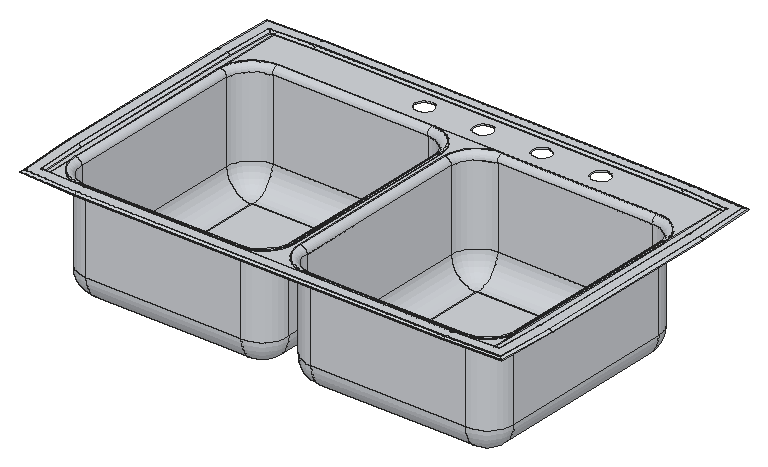
Revit family
Parameters (values of type "LR3321")
  URL = "www.elkayusa.com"
  Specification Sheet URL = "http://www.elkayusa.com/cps/rde/xbcr/elkay/01-62H_LR(Q)_LRAD(Q)_Double_Bowl.pdf"
  Sink Width = 1' - 9 1/4"
  Sink Material = none
  Sink Length = 2' - 9"
  Sink Ledge Sides Width = 0' - 1 7/8"
  Sink Ledge Front Width = 0' - 1 1/2"
  Sink Ledge Back Width = 0' - 4"
  Sink Depth = 0' - 7 5/8"
  Sink Bowl Formula = ((Sink Length - Sink Ledge Sides Width - Sink Ledge Sides Width - Partition Width) / 2)  # 1' - 2"
  Partition Width = 0' - 1 1/4"
  Model = "LR3321"
  Minimum Cabinet Width = ""
  Manufacturer = "Elkay Manufacturing"
  Installation Sheet URL = "http://www.elkayusa.com/cps/rde/xbcr/elkay/74180147.pdf"
  Hole 5 Top = 0' - 1 1/2"
  Hole 4 Top = 0' - 2"
  Hole 3 Top = 0' - 2"
  Hole 2 Top = 0' - 2"
  Hole 1 to 6 = 1' - 6"
  Hole 1 to 8 = 2' - 0"
  Hole 1 to 7 = 1' - 9"
  Hole 1 to 5 = 1' - 3"
  Hole 1 to 4 = 1' - 0"
  Hole 1 to 3 = 0' - 8"
  Hole 1 to 2 = 0' - 4"
  Hole 1 from CL = 0' - 4"
  Hole 1 Top = 0' - 2"
  Faucet Hole CL = 0' - 2 1/4"
  Drain Location = 0' - 8"
  Description = "Lustertone Double Bowl Sink"
  Deep Specification Sheet URL = "http://www.elkayusa.com/cps/rde/xbcr/elkay/01-19G_DLR(Q)_Double_Bowl.pdf"
  Custom Bowl = no
  Custom Bowl Length = ((Sink Length - Sink Ledge Sides Width - Sink Ledge Sides Width - Partition Width) / 2) - CL Sink to CL Partition  # 1' - 2"
  CL Sink to CL Partition = 0' - 0"
  Bowl Length = ((Sink Length - Sink Ledge Sides Width - Sink Ledge Sides Width - Partition Width) / 2)  # 1' - 2"
  Left Bowl Length = if(Custom Bowl, Custom Bowl Length, Sink Bowl Formula)  # 1' - 2"
  2D Hole 5 = Hole 5 Top = 0' 2"  # no
  2D Hole 4 = Hole 4 Top = 0' 2"  # yes
  2D Hole 3 = Hole 3 Top = 0' 2"  # yes
  2D Hole 2 = Hole 2 Top = 0' 2"  # yes
  2D Hole 1 = Hole 1 Top = 0' 2"  # yes
Types (4): name
  ByType
  LR3321
  LR3319
  DLR332210
Reference planes (in)
  plane 1 "CL Sink Hole": y = -0.125
  plane 2 "Rim Top Outside Corner": z = 0.0015695
  plane 3 "Center (Left/Right)": x = 0
  plane 4 "Basin Edge Left": x = -14.625
  plane 5 "Basin Edge Right": x = 14.625
  plane 6 "Basin Edge Back": y = 7.875
  plane 7 "Basin Edge Front": y = -7.875
  plane 8 "Left": x = -16.5
  plane 9 "Right": x = 16.5
  plane 10 "Back": y = 11.875
  plane 11 "Front": y = -9.375
  plane 12 "Sink Angle Back Corner": y = 11.7042275
  plane 13 "Sink Angle Right Corner": x = 16.3267866
  plane 14 "Sink Angle Right": x = 12.5172067
  plane 15 "Sink Angle Back": y = 7.5898437
  plane 16 "Sink Angle Left": x = -12.515625
  plane 17 "Sink Angle Left Corner": x = -16.328125
  plane 18 "Sink Angle Front Corner": y = -9.203125
  plane 19 "Sink Angle Front": y = -5.0898438
  plane 20 "Sink Top Face Back Edge": y = 10.8469509
  plane 21 "Sink Top Face Front Edge": y = -8.3476563
  plane 22 "Sink Top Face Right Edge": x = 15.0976563
  plane 23 "Sink Top Face Left Edge": x = -15.0976562
  plane 24 "Sink Bowl Bottom (Top Face)": z = -7.5195312
  plane 25 "Faucet CL": y = 9.625
  plane 26 "Sink Top Piece Top Face": z = -0.0194305
  plane 27 "Sink Top Piece Bottom Face": z = -0.0819305
  plane 28 "Left Sink Bottom Piece Right Edge": x = -2.3125
  plane 29 "Top Void for Radius Back Edge": y = 5.375
  plane 30 "back ledge void radius": y = 8.3671875
  plane 31 "front ledge void radius": y = -8.3671875
  plane 32 "Top Radius Corner Prot": z = -0.4405305
  plane 33: z = -5.8320312
  plane 34 "Sink Bowl Bottom (Bottom Face)": z = -7.5820312
  plane 35 "Left Sink Bottom Piece Left Edge": x = -12.9375
  plane 36 "Sink Bottom Piece Right Edge": x = 12.9375
  plane 37 "Sink Bottom Piece Back Edge": y = 6.1875
  plane 38 "Sink Bottom Piece Front Edge": y = -6.1875
  plane 39 "Top Void for Radius Front Edge": y = -4.875
  plane 40 "Sink Top Locked Edge Right": x = 15.5625
  plane 41 "Sink Top Locked Edge Left": x = -15.5625
  plane 42 "Hole 1": x = -4
  plane 43 "Hole 2": x = 0
  plane 44 "Hole 3": x = 4
  plane 45 "Hole 4": x = 8
  plane 46 "Hole 5": x = 11
  plane 47 "Faucet Hole Void Bottoms": z = -1.9984305
  plane 48 "Hole 1 Top": z = 0.0015695
  plane 49 "Hole 2 Top": z = 0.0015695
  plane 50 "Hole 3 Top": z = 0.0015695
  plane 51 "Hole 4 Top": z = 0.0015695
  plane 52 "Hole 5 Top": z = -0.4984305
  plane 53 "Top": z = 0.1054687
  plane 54 "Insertion Plan for Sink - Bottom Outside Corner of Rim": z = -0.0524008
  plane 55 "Center (Front/Back)": y = 0
  plane 56 "CL PARTITION": x = 0
  plane 57 "LEFT BOWL RIGHT EDGE": x = -0.625
  plane 58 "RIGHT BOWL LEFT EDGE": x = 0.625
  plane 59 "Sink Bottom Piece Left Edge": x = 2.3125
  plane 60 "Left Bowl CL Drain": x = -7.625
  plane 61 "Right Bowl CL Drain": x = 7.625
  plane 62 "Left Partition Left Edge": x = -0.1328125
  plane 63 "Left Partition Right Edge": x = 0.1328125
Forms (in)
  Sweep 1, solid, material <- "Sink Material"
    path origin (0, 0, 0) x (1, 0, 0) y (0, 1, 0)
      loop
        line (12.5172067, 11.875) -> (-12.515625, 11.875) -> (-16.328125, 11.7042275) -> (-16.5, 7.5898437) -> (-16.5, -5.0898438) -> (-16.328125, -9.203125) -> (-12.515625, -9.375) -> (12.5172067, -9.375) -> (16.3267866, -9.203125) -> (16.5, -5.0898438) -> (16.5, 7.5898437) -> (16.3267866, 11.7042275) -> (12.5172067, 11.875)
    profile "profile-elkay-sink-rim-1 : profile-elkay-sink-rim-1" origin (0.0007909, 11.875, 0) x (0, -1, 0) y (0, 0, 1)
      loop
        line (0, 0) -> (0, -0.0524008) -> (0.2039181, 0.0577989) -> (0.8052651, 0.0577989) -> (1.0074493, -0.0709913) -> (1.0074493, -0.0163327) -> (0.841093, 0.0896347)
        arc (0.841093, 0.0896347) -> (0.8176388, 0.1002604) -> (0.7921483, 0.1038992) r 0.091102
        line (0.7921483, 0.1038992) -> (0.2153023, 0.1038992)
        arc (0.2153023, 0.1038992) -> (0.1929626, 0.1011179) -> (0.1719868, 0.0929438) r 0.0911081
        line (0.1719868, 0.0929438) -> (0, 0)
  Extrusion 2, solid, material <- "Sink Material"
    sketch origin (0, 0, 0) x (1, 0, 0) y (0, 1, 0)
      loop
        line (-15.0976562, 10.8469509) -> (-15.0976562, 5.375) -> (15.0976563, 5.375) -> (15.0976563, 10.8469509) -> (-15.0976562, 10.8469509)
    from -0.0819305 to -0.0194305
  Extrusion 3, void
    sketch origin (0, 0, 0) x (1, 0, 0) y (0, 1, 0)
      loop
        line (15.0976563, 5.375) -> (15.0976563, 6.0191505)
        arc (15.0976563, 6.0191505) -> (14.4099321, 7.6794634) -> (12.7496193, 8.3671875) r 2.348037
        line (12.7496193, 8.3671875) -> (-12.75, 8.3671875)
        arc (-12.75, 8.3671875) -> (-14.4100437, 7.6795749) -> (-15.0976562, 6.0195312) r 2.3476562
        line (-15.0976562, 6.0195312) -> (-15.0976562, 5.375) -> (15.0976563, 5.375)
    from -0.7469965 to 0.495879
  Extrusion 4, solid, material <- "Sink Material"
    sketch origin (0, 0, 0) x (1, 0, 0) y (0, 1, 0)
      loop
        line (-15.0976562, -5.0898438) -> (-15.0976562, -8.3476563) -> (15.0976563, -8.3476563) -> (15.0976563, -5.0898438) -> (-15.0976562, -5.0898438)
    from -0.0819305 to -0.0194305
  Extrusion 5, void
    sketch origin (0, 0, 0) x (1, 0, 0) y (0, 1, 0)
      loop
        line (-15.0976562, -4.875) -> (-15.0976562, -6.0857599)
        arc (-15.0976562, -6.0857599) -> (-14.4294416, -7.6989728) -> (-12.8162287, -8.3671875) r 2.2814276
        line (-12.8162287, -8.3671875) -> (12.8164063, -8.3671875)
        arc (12.8164063, -8.3671875) -> (14.4294936, -7.6990248) -> (15.0976562, -6.0859375) r 2.28125
        line (15.0976562, -6.0859375) -> (15.0976563, -4.875) -> (-15.0976562, -4.875)
    from -1.9984305 to 0.6466859
  Extrusion 6, solid, material <- "Sink Material"
    sketch origin (0, 0, 0) x (1, 0, 0) y (0, 1, 0)
      loop
        line (-15.5625, 10.8469509) -> (-15.5625, -8.3476563) -> (-15.0976562, -8.3476563) -> (-15.0976562, 10.8469509) -> (-15.5625, 10.8469509)
    from -0.0819305 to -0.0194305
  Extrusion 7, solid, material <- "Sink Material"
    sketch origin (0, 0, 0) x (1, 0, 0) y (0, 1, 0)
      loop
        line (15.0976563, 10.8469509) -> (15.0976563, -8.3476563) -> (15.5625, -8.3476563) -> (15.5625, 10.8469509) -> (15.0976563, 10.8469509)
    from -0.0819305 to -0.0194305
  Sweep 8, solid, material <- "Sink Material"
    path origin (-14.75, 0, -0.0194305) x (-1, 0, 0) y (0, -1, 0)
      loop
        line (-12.375, -7.875) -> (-1.875, -7.875)
        arc (-1.875, -7.875) -> (-0.6375631, -7.3624369) -> (-0.125, -6.125) r 1.75
        line (-0.125, -6.125) -> (-0.125, 6.125)
        arc (-0.125, 6.125) -> (-0.6375631, 7.3624369) -> (-1.875, 7.875) r 1.75
        line (-1.875, 7.875) -> (-12.375, 7.875)
        arc (-12.375, 7.875) -> (-13.6124369, 7.3624369) -> (-14.125, 6.125) r 1.75
        line (-14.125, 6.125) -> (-14.125, -6.125)
        arc (-14.125, -6.125) -> (-13.6124369, -7.3624369) -> (-12.375, -7.875) r 1.75
    profile "profile-elkay-sink-top corner : profile-elkay-sink-top corner" origin (-7.625, 7.875, -0.0194305) x (0, -1, 0) y (0, 0, 1)
      loop
        line (-0.4204811, 0) -> (-0.4921875, 0) -> (-0.4921875, -0.0461) -> (-0.4204811, -0.0461)
        arc (-0.4204811, -0.0461) -> (-0.1553161, -0.155935) -> (-0.0454811, -0.4211) r 0.375
        line (-0.0454811, -0.4211) -> (0.0006189, -0.4211)
        arc (0.0006189, -0.4211) -> (-0.1227185, -0.1233373) -> (-0.4204811, 0) r 0.4211
  Sweep 9, solid, material <- "Sink Material"
    path origin (-14.75, 0, -7.5195312) x (-1, 0, 0) y (0, -1, 0)
      loop
        line (-0.125, -6.125) -> (-0.125, 6.125)
        arc (-0.125, 6.125) -> (-0.6375631, 7.3624369) -> (-1.875, 7.875) r 1.75
        line (-1.875, 7.875) -> (-12.375, 7.875)
        arc (-12.375, 7.875) -> (-13.6124369, 7.3624369) -> (-14.125, 6.125) r 1.75
        line (-14.125, 6.125) -> (-14.125, -6.125)
        arc (-14.125, -6.125) -> (-13.6124369, -7.3624369) -> (-12.375, -7.875) r 1.75
        line (-12.375, -7.875) -> (-1.875, -7.875)
        arc (-1.875, -7.875) -> (-0.6375631, -7.3624369) -> (-0.125, -6.125) r 1.75
    profile "profile-elkay-sink-btm-crnr_1-6875 : profile-elkay-sink-btm-crnr_1-6875" origin (-14.625, 0, -7.5195312) x (1, 0, 0) y (0, 0, 1)
      loop
        line (1.6875, -0.0625) -> (1.6875, 0)
        arc (1.6875, 0) -> (0.4942573, 0.4942573) -> (0, 1.6875) r 1.6875
        line (0, 1.6875) -> (-0.0625, 1.6875)
        arc (-0.0625, 1.6875) -> (0.4500631, 0.4500631) -> (1.6875, -0.0625) r 1.75
  Extrusion 10, solid, material <- "Sink Material"
    sketch origin (0, 0, 0) x (1, 0, 0) y (0, 1, 0)
      loop
        line (-12.9375, 6.1875) -> (-12.9375, -6.1875) -> (-2.3125, -6.1875) -> (-2.3125, 6.1875) -> (-12.9375, 6.1875)
    from -7.5820312 to -7.5195312
  Extrusion 11, solid, material <- "Sink Material"
    sketch origin (-14.75, 0, 0) x (1, 0, 0) y (0, 1, 0)
      loop
        arc (1.875, 7.875) -> (0.6375631, 7.3624369) -> (0.125, 6.125) r 1.75
        line (0.125, 6.125) -> (0.125, -6.125)
        arc (0.125, -6.125) -> (0.6375631, -7.3624369) -> (1.875, -7.875) r 1.75
        line (1.875, -7.875) -> (12.375, -7.875)
        arc (12.375, -7.875) -> (13.6124369, -7.3624369) -> (14.125, -6.125) r 1.75
        line (14.125, -6.125) -> (14.125, 6.125)
        arc (14.125, 6.125) -> (13.6124369, 7.3624369) -> (12.375, 7.875) r 1.75
        line (12.375, 7.875) -> (1.875, 7.875)
      loop
        arc (1.875, 7.9375) -> (0.593369, 7.406631) -> (0.0625, 6.125) r 1.8125
        line (0.0625, 6.125) -> (0.0625, -6.125)
        arc (0.0625, -6.125) -> (0.593369, -7.406631) -> (1.875, -7.9375) r 1.8125
        line (1.875, -7.9375) -> (12.375, -7.9375)
        arc (12.375, -7.9375) -> (13.656631, -7.406631) -> (14.1875, -6.125) r 1.8125
        line (14.1875, -6.125) -> (14.1875, 6.125)
        arc (14.1875, 6.125) -> (13.656631, 7.406631) -> (12.375, 7.9375) r 1.8125
        line (12.375, 7.9375) -> (1.875, 7.9375)
    from -5.8320312 to -0.4405305
  Extrusion 12, void
    sketch origin (0, 0, 0) x (1, 0, 0) y (0, 1, 0)
      loop
        circle (-7.625, -0.125) r 2.5
    from -7.5820312 to -5.8320312
  Sweep 13, solid, material <- "Sink Material"
    path origin (-14.75, 0, -7.5195312) x (-1, 0, 0) y (0, -1, 0)
      loop
        circle (-7.125, 0.125) r 2.501635
    profile "profile-elkay-sink-hole-1 : profile-elkay-sink-hole-1" origin (-7.625, -2.626635, -7.5195312) x (0, 1, 0) y (0, 0, 1)
      loop
        line (0.5785343, -0.3269365) -> (0.1564602, -0.1343744)
        arc (0.1564602, -0.1343744) -> (0.1424945, -0.125589) -> (0.1313144, -0.1134552) r 0.0625
        line (0.1313144, -0.1134552) -> (0.0881719, -0.0522605)
        arc (0.0881719, -0.0522605) -> (0.0506391, -0.015074) -> (0, 0) r 0.1086
        line (0, 0) -> (0, -0.0461763)
        arc (0, -0.0461763) -> (0.0262058, -0.0541921) -> (0.0464633, -0.0726482) r 0.0625
        line (0.0464633, -0.0726482) -> (0.093406, -0.1396891)
        arc (0.093406, -0.1396891) -> (0.1129384, -0.1609677) -> (0.1373891, -0.176345) r 0.1086
        line (0.1373891, -0.176345) -> (0.5785343, -0.3776079) -> (0.5785343, -0.3269365)
  Sweep 14, solid, material <- "Sink Material"
    path origin (14.75, 0, -0.0194305) x (-1, 0, 0) y (0, -1, 0)
      loop
        line (1.875, -7.875) -> (12.375, -7.875)
        arc (12.375, -7.875) -> (13.6124369, -7.3624369) -> (14.125, -6.125) r 1.75
        line (14.125, -6.125) -> (14.125, 6.125)
        arc (14.125, 6.125) -> (13.6124369, 7.3624369) -> (12.375, 7.875) r 1.75
        line (12.375, 7.875) -> (1.875, 7.875)
        arc (1.875, 7.875) -> (0.6375631, 7.3624369) -> (0.125, 6.125) r 1.75
        line (0.125, 6.125) -> (0.125, -6.125)
        arc (0.125, -6.125) -> (0.6375631, -7.3624369) -> (1.875, -7.875) r 1.75
    profile "profile-elkay-sink-top corner : profile-elkay-sink-top corner" origin (7.625, 7.875, -0.0194305) x (0, -1, 0) y (0, 0, 1)
      loop
        line (-0.4204811, 0) -> (-0.4921875, 0) -> (-0.4921875, -0.0461) -> (-0.4204811, -0.0461)
        arc (-0.4204811, -0.0461) -> (-0.1553161, -0.155935) -> (-0.0454811, -0.4211) r 0.375
        line (-0.0454811, -0.4211) -> (0.0006189, -0.4211)
        arc (0.0006189, -0.4211) -> (-0.1227185, -0.1233373) -> (-0.4204811, 0) r 0.4211
  Sweep 15, solid, material <- "Sink Material"
    path origin (14.75, 0, -7.5195312) x (-1, 0, 0) y (0, -1, 0)
      loop
        line (14.125, -6.125) -> (14.125, 6.125)
        arc (14.125, 6.125) -> (13.6124369, 7.3624369) -> (12.375, 7.875) r 1.75
        line (12.375, 7.875) -> (1.875, 7.875)
        arc (1.875, 7.875) -> (0.6375631, 7.3624369) -> (0.125, 6.125) r 1.75
        line (0.125, 6.125) -> (0.125, -6.125)
        arc (0.125, -6.125) -> (0.6375631, -7.3624369) -> (1.875, -7.875) r 1.75
        line (1.875, -7.875) -> (12.375, -7.875)
        arc (12.375, -7.875) -> (13.6124369, -7.3624369) -> (14.125, -6.125) r 1.75
    profile "profile-elkay-sink-btm-crnr_1-6875 : profile-elkay-sink-btm-crnr_1-6875" origin (0.625, 0, -7.5195312) x (1, 0, 0) y (0, 0, 1)
      loop
        line (1.6875, -0.0625) -> (1.6875, 0)
        arc (1.6875, 0) -> (0.4942573, 0.4942573) -> (0, 1.6875) r 1.6875
        line (0, 1.6875) -> (-0.0625, 1.6875)
        arc (-0.0625, 1.6875) -> (0.4500631, 0.4500631) -> (1.6875, -0.0625) r 1.75
  Extrusion 16, solid, material <- "Sink Material"
    sketch origin (14.75, 0, 0) x (1, 0, 0) y (0, 1, 0)
      loop
        arc (-12.375, 7.875) -> (-13.6124369, 7.3624369) -> (-14.125, 6.125) r 1.75
        line (-14.125, 6.125) -> (-14.125, -6.125)
        arc (-14.125, -6.125) -> (-13.6124369, -7.3624369) -> (-12.375, -7.875) r 1.75
        line (-12.375, -7.875) -> (-1.875, -7.875)
        arc (-1.875, -7.875) -> (-0.6375631, -7.3624369) -> (-0.125, -6.125) r 1.75
        line (-0.125, -6.125) -> (-0.125, 6.125)
        arc (-0.125, 6.125) -> (-0.6375631, 7.3624369) -> (-1.875, 7.875) r 1.75
        line (-1.875, 7.875) -> (-12.375, 7.875)
      loop
        arc (-12.375, 7.9375) -> (-13.656631, 7.406631) -> (-14.1875, 6.125) r 1.8125
        line (-14.1875, 6.125) -> (-14.1875, -6.125)
        arc (-14.1875, -6.125) -> (-13.656631, -7.406631) -> (-12.375, -7.9375) r 1.8125
        line (-12.375, -7.9375) -> (-1.875, -7.9375)
        arc (-1.875, -7.9375) -> (-0.593369, -7.406631) -> (-0.0625, -6.125) r 1.8125
        line (-0.0625, -6.125) -> (-0.0625, 6.125)
        arc (-0.0625, 6.125) -> (-0.593369, 7.406631) -> (-1.875, 7.9375) r 1.8125
        line (-1.875, 7.9375) -> (-12.375, 7.9375)
    from -5.8320312 to -0.4405305
  Extrusion 17, solid, material <- "Sink Material"
    sketch origin (0, 0, 0) x (1, 0, 0) y (0, 1, 0)
      loop
        line (2.3125, 6.1875) -> (2.3125, -6.1875) -> (12.9375, -6.1875) -> (12.9375, 6.1875) -> (2.3125, 6.1875)
    from -7.5820312 to -7.5195312
  Extrusion 18, void
    sketch origin (0, 0, 0) x (1, 0, 0) y (0, 1, 0)
      loop
        circle (7.625, -0.125) r 2.5
    from -7.5820312 to -5.8320312
  Sweep 19, solid, material <- "Sink Material"
    path origin (14.75, 0, -7.5195312) x (-1, 0, 0) y (0, -1, 0)
      loop
        circle (7.125, 0.125) r 2.501635
    profile "profile-elkay-sink-hole-1 : profile-elkay-sink-hole-1" origin (7.625, -2.626635, -7.5195312) x (0, 1, 0) y (0, 0, 1)
      loop
        line (0.5785343, -0.3269365) -> (0.1564602, -0.1343744)
        arc (0.1564602, -0.1343744) -> (0.1424945, -0.125589) -> (0.1313144, -0.1134552) r 0.0625
        line (0.1313144, -0.1134552) -> (0.0881719, -0.0522605)
        arc (0.0881719, -0.0522605) -> (0.0506391, -0.015074) -> (0, 0) r 0.1086
        line (0, 0) -> (0, -0.0461763)
        arc (0, -0.0461763) -> (0.0262058, -0.0541921) -> (0.0464633, -0.0726482) r 0.0625
        line (0.0464633, -0.0726482) -> (0.093406, -0.1396891)
        arc (0.093406, -0.1396891) -> (0.1129384, -0.1609677) -> (0.1373891, -0.176345) r 0.1086
        line (0.1373891, -0.176345) -> (0.5785343, -0.3776079) -> (0.5785343, -0.3269365)
  Extrusion 20, void
    sketch origin (0, 0, 0) x (1, 0, 0) y (0, 1, 0)
      loop
        circle (-4, 9.625) r 0.625
    from -1.9984305 to 0.0015695
  Extrusion 21, void
    sketch origin (0, 0, 0) x (1, 0, 0) y (0, 1, 0)
      loop
        circle (0, 9.625) r 0.625
    from -1.9984305 to 0.0015695
  Extrusion 22, void
    sketch origin (0, 0, 0) x (1, 0, 0) y (0, 1, 0)
      loop
        circle (4, 9.625) r 0.625
    from -1.9984305 to 0.0015695
  Extrusion 23, void
    sketch origin (0, 0, 0) x (1, 0, 0) y (0, 1, 0)
      loop
        circle (8, 9.625) r 0.625
    from -1.9984305 to 0.0015695
  Extrusion 24, void
    sketch origin (0, 0, 0) x (1, 0, 0) y (0, 1, 0)
      loop
        circle (11, 9.625) r 0.625
    from -1.9984305 to -0.4984305
  Extrusion 25, solid, material <- "Sink Material"
    sketch origin (0, 0, 0) x (1, 0, 0) y (0, 1, 0)
      loop
        arc (-2.375, 8.3671875) -> (-0.789534, 7.710466) -> (-0.1328125, 6.125) r 2.2421875
        line (-0.1328125, 6.125) -> (-0.1328125, -6.125)
        arc (-0.1328125, -6.125) -> (-0.789534, -7.710466) -> (-2.375, -8.3671875) r 2.2421875
        line (-2.375, -8.3671875) -> (2.375, -8.3671875)
        arc (2.375, -8.3671875) -> (0.789534, -7.710466) -> (0.1328125, -6.125) r 2.2421875
        line (0.1328125, -6.125) -> (0.1328125, 6.125)
        arc (0.1328125, 6.125) -> (0.789534, 7.710466) -> (2.375, 8.3671875) r 2.2421875
        line (2.375, 8.3671875) -> (-2.375, 8.3671875)
    from -0.0819305 to -0.0194305
Cuts and joins
  Extrusion 3, Extrusion 12, Extrusion 18, Extrusion 20, Extrusion 21, Extrusion 22, Extrusion 23, Extrusion 24 cuts Sweep 1
  Extrusion 3, Extrusion 20, Extrusion 21, Extrusion 22, Extrusion 23, Extrusion 24 cuts Extrusion 2
  Extrusion 5 cuts Extrusion 4
  Extrusion 12 cuts Extrusion 10
  Extrusion 18 cuts Extrusion 17
Lines and regions (in)
  reference lines
    curve 1: line (12.5172067, 11.875, 0) -> (16.3267866, 11.7042275, 0)
    curve 2: line (16.3267866, 11.7042275, 0) -> (16.5, 7.5898437, 0)
    curve 3: line (-12.515625, 11.875, 0) -> (-16.328125, 11.7042275, 0)
    curve 4: line (-16.328125, 11.7042275, 0) -> (-16.5, 7.5898437, 0)
    curve 5: line (-16.5, -5.0898438, 0) -> (-16.328125, -9.203125, 0)
    curve 6: line (-16.328125, -9.203125, 0) -> (-12.515625, -9.375, 0)
    curve 7: line (16.5, -5.0898438, 0) -> (16.3267866, -9.203125, 0)
    curve 8: line (16.3267866, -9.203125, 0) -> (12.5172067, -9.375, 0)
Dimensions and locks (in)
  "Sink Ledge Sides Width": plane 8 "Left" to plane 4 "Basin Edge Left"
  "Sink Ledge Sides Width": plane 5 "Basin Edge Right" to plane 9 "Right"
  "Sink Length": plane 8 "Left" to plane 9 "Right"
  "Drain Location": plane 6 "Basin Edge Back" to plane 1 "CL Sink Hole"
  "Sink Ledge Back Width": plane 10 "Back" to plane 6 "Basin Edge Back"
  "Sink Ledge Front Width": plane 7 "Basin Edge Front" to plane 11 "Front"
  locked: plane 13 "Sink Angle Right Corner" to plane 9 "Right" at 0.1732134
  locked: plane 10 "Back" to plane 12 "Sink Angle Back Corner" at 0.1707725
  locked: plane 14 "Sink Angle Right" to plane 9 "Right" at 3.9827933
  locked: plane 10 "Back" to plane 15 "Sink Angle Back" at 4.2851562
  locked: plane 8 "Left" to plane 17 "Sink Angle Left Corner" at 0.171875
  locked: plane 8 "Left" to plane 16 "Sink Angle Left" at 3.984375
  locked: plane 18 "Sink Angle Front Corner" to plane 11 "Front" at 0.171875
  locked: plane 19 "Sink Angle Front" to plane 11 "Front" at 4.2851562
  "Sink Width": plane 10 "Back" to plane 11 "Front"
  locked: plane 10 "Back" to plane 20 "Sink Top Face Back Edge" at 1.0280491
  locked: plane 21 "Sink Top Face Front Edge" to plane 11 "Front" at 1.0273438
  locked: plane 23 "Sink Top Face Left Edge" to plane 4 "Basin Edge Left" at 0.4726562
  "Sink Depth": plane 53 "Top" to plane 24 "Sink Bowl Bottom (Top Face)"
  "Faucet Hole CL": plane 10 "Back" to plane 25 "Faucet CL"
  locked: plane 2 "Rim Top Outside Corner" to plane 26 "Sink Top Piece Top Face" at 0.021
  locked: plane 26 "Sink Top Piece Top Face" to plane 27 "Sink Top Piece Bottom Face" at 0.0625
  locked: plane 6 "Basin Edge Back" to plane 29 "Top Void for Radius Back Edge" at 2.5
  locked: plane 30 "back ledge void radius" to plane 29 "Top Void for Radius Back Edge" at 2.9921875
  locked: plane 39 "Top Void for Radius Front Edge" to plane 31 "front ledge void radius" at 3.4921875
  locked: plane 2 "Rim Top Outside Corner" to plane 32 "Top Radius Corner Prot" at 0.4421
  locked: plane 33 to plane 24 "Sink Bowl Bottom (Top Face)" at 1.6875
  locked: plane 24 "Sink Bowl Bottom (Top Face)" to plane 34 "Sink Bowl Bottom (Bottom Face)" at 0.0625
  locked: plane 38 "Sink Bottom Piece Front Edge" to plane 7 "Basin Edge Front" at 1.6875
  locked: plane 4 "Basin Edge Left" to plane 35 "Left Sink Bottom Piece Left Edge" at 1.6875
  locked: plane 36 "Sink Bottom Piece Right Edge" to plane 5 "Basin Edge Right" at 1.6875
  locked: plane 6 "Basin Edge Back" to plane 37 "Sink Bottom Piece Back Edge" at 1.6875
  locked: plane 39 "Top Void for Radius Front Edge" to plane 7 "Basin Edge Front" at 3
  locked: plane 5 "Basin Edge Right" to plane 22 "Sink Top Face Right Edge" at 0.4726562
  locked: Extrusion 3 sketch curve to plane 5 "Basin Edge Right" at 1.8753807
  locked: plane 6 "Basin Edge Back" to Extrusion 3 sketch curve at 1.8558495
  locked: plane 4 "Basin Edge Left" to Extrusion 3 sketch curve at 1.875
  locked: plane 6 "Basin Edge Back" to Extrusion 3 sketch curve at 1.8554688
  locked: plane 4 "Basin Edge Left" to Extrusion 5 sketch curve at 1.8087713
  locked: Extrusion 5 sketch curve to plane 5 "Basin Edge Right" at 1.8085938
  locked: Extrusion 5 sketch curve to plane 7 "Basin Edge Front" at 1.7892401
  locked: Extrusion 5 sketch curve to plane 7 "Basin Edge Front" at 1.7890625
  locked: plane 40 "Sink Top Locked Edge Right" to plane 9 "Right" at 0.9375
  locked: plane 8 "Left" to plane 41 "Sink Top Locked Edge Left" at 0.9375
  "Hole 1 from CL": plane 42 "Hole 1" to plane 3 "Center (Left/Right)"
  "Hole 1 to 2": plane 42 "Hole 1" to plane 43 "Hole 2"
  "Hole 1 to 3": plane 42 "Hole 1" to plane 44 "Hole 3"
  "Hole 1 to 4": plane 42 "Hole 1" to plane 45 "Hole 4"
  "Hole 1 to 5": plane 42 "Hole 1" to plane 46 "Hole 5"
  locked: plane 2 "Rim Top Outside Corner" to plane 47 "Faucet Hole Void Bottoms" at 2
  "Hole 1 Top": plane 48 "Hole 1 Top" to plane 47 "Faucet Hole Void Bottoms"
  "Hole 2 Top": plane 49 "Hole 2 Top" to plane 47 "Faucet Hole Void Bottoms"
  "Hole 3 Top": plane 50 "Hole 3 Top" to plane 47 "Faucet Hole Void Bottoms"
  "Hole 4 Top": plane 51 "Hole 4 Top" to plane 47 "Faucet Hole Void Bottoms"
  "Hole 5 Top": plane 52 "Hole 5 Top" to plane 47 "Faucet Hole Void Bottoms"
  locked: plane 53 "Top" to plane 2 "Rim Top Outside Corner" at 0.1038992
  locked: plane 53 "Top" to plane 54 "Insertion Plan for Sink - Bottom Outside Corner of Rim" at 0.1578695
  equal spacing: plane 6 "Basin Edge Back", plane 55 "Center (Front/Back)", plane 7 "Basin Edge Front"
  locked: plane 28 "Left Sink Bottom Piece Right Edge" to plane 57 "LEFT BOWL RIGHT EDGE" at 1.6875
  locked: plane 58 "RIGHT BOWL LEFT EDGE" to plane 59 "Sink Bottom Piece Left Edge" at 1.6875
  locked: plane 6 "Basin Edge Back" to Sweep 8 sketch curve at 1.75  (x2)
  locked: plane 4 "Basin Edge Left" to Sweep 8 sketch curve at 1.75  (x2)
  locked: Sweep 8 sketch curve to plane 57 "LEFT BOWL RIGHT EDGE" at 1.75  (x2)
  locked: Sweep 8 sketch curve to plane 7 "Basin Edge Front" at 1.75  (x2)
  equal spacing: plane 8 "Left", plane 3 "Center (Left/Right)", plane 9 "Right"
  equal spacing: plane 4 "Basin Edge Left", plane 60 "Left Bowl CL Drain", plane 57 "LEFT BOWL RIGHT EDGE"
  equal spacing: plane 58 "RIGHT BOWL LEFT EDGE", plane 61 "Right Bowl CL Drain", plane 5 "Basin Edge Right"
  locked: plane 4 "Basin Edge Left" to Sweep 9 sketch curve at 1.75  (x2)
  locked: Sweep 9 sketch curve to plane 57 "LEFT BOWL RIGHT EDGE" at 1.75  (x2)
  locked: plane 6 "Basin Edge Back" to Sweep 9 sketch curve at 1.75  (x2)
  locked: Sweep 9 sketch curve to plane 7 "Basin Edge Front" at 1.75  (x2)
  locked: plane 6 "Basin Edge Back" to Extrusion 11 sketch curve at 1.75  (x2)
  locked: plane 4 "Basin Edge Left" to Extrusion 11 sketch curve at 1.75  (x2)
  locked: Extrusion 11 sketch curve to plane 57 "LEFT BOWL RIGHT EDGE" at 1.75  (x2)
  locked: Extrusion 11 sketch curve to plane 7 "Basin Edge Front" at 1.75  (x2)
  locked: plane 58 "RIGHT BOWL LEFT EDGE" to Sweep 14 sketch curve at 1.75  (x2)
  locked: Sweep 14 sketch curve to plane 5 "Basin Edge Right" at 1.75  (x2)
  locked: plane 6 "Basin Edge Back" to Sweep 14 sketch curve at 1.75  (x2)
  locked: Sweep 14 sketch curve to plane 7 "Basin Edge Front" at 1.75  (x2)
  locked: Sweep 15 sketch curve to plane 5 "Basin Edge Right" at 1.75  (x2)
  locked: Sweep 15 sketch curve to plane 7 "Basin Edge Front" at 1.75  (x2)
  locked: plane 58 "RIGHT BOWL LEFT EDGE" to Sweep 15 sketch curve at 1.75  (x2)
  locked: plane 6 "Basin Edge Back" to Sweep 15 sketch curve at 1.75  (x2)
  locked: plane 58 "RIGHT BOWL LEFT EDGE" to Extrusion 16 sketch curve at 1.75  (x2)
  locked: Extrusion 16 sketch curve to plane 5 "Basin Edge Right" at 1.75  (x2)
  locked: Extrusion 16 sketch curve to plane 7 "Basin Edge Front" at 1.75  (x2)
  locked: plane 6 "Basin Edge Back" to Extrusion 16 sketch curve at 1.75  (x2)
  plane 8 "Left" to plane 42 "Hole 1" = 1' - 0 1/2"
  locked: Extrusion 25 sketch curve to plane 57 "LEFT BOWL RIGHT EDGE" at 1.75  (x2)
  locked: plane 6 "Basin Edge Back" to Extrusion 25 sketch curve at 1.75  (x2)
  locked: Extrusion 25 sketch curve to plane 31 "front ledge void radius" at 2.2421875  (x2)
  plane 62 "Left Partition Left Edge" to plane 56 "CL PARTITION" to plane 63 "Left Partition Right Edge" = 0' - 0 17/128" locked, 0' - 0 17/128" locked
  "CL Sink to CL Partition": plane 56 "CL PARTITION" to plane 3 "Center (Left/Right)"
  "Partition Width": plane 57 "LEFT BOWL RIGHT EDGE" to plane 58 "RIGHT BOWL LEFT EDGE"
  equal spacing: plane 57 "LEFT BOWL RIGHT EDGE", plane 56 "CL PARTITION", plane 58 "RIGHT BOWL LEFT EDGE"
  locked: plane 58 "RIGHT BOWL LEFT EDGE" to Extrusion 25 sketch curve at 1.75  (x2)
  aligned and locked: plane 9 "Right" to Sweep 1 sketch curve
  aligned and locked: plane 10 "Back" to Sweep 1 sketch curve
  aligned and locked: Sweep 1 sketch curve to plane 8 "Left"
  aligned and locked: Sweep 1 sketch curve to plane 11 "Front"
  aligned and locked: Sweep 1 sketch curve to curve 7
  aligned and locked: Sweep 1 sketch curve to curve 8
  aligned and locked: Sweep 1 sketch curve to curve 6
  aligned and locked: Sweep 1 sketch curve to curve 5
  aligned and locked: Sweep 1 sketch curve to curve 4
  aligned and locked: Sweep 1 sketch curve to curve 3
  aligned and locked: Sweep 1 sketch curve to curve 1
  aligned and locked: Sweep 1 sketch curve to curve 2
  aligned and locked: plane 29 "Top Void for Radius Back Edge" to Extrusion 2 sketch curve
  aligned and locked: plane 23 "Sink Top Face Left Edge" to Extrusion 2 sketch curve
  aligned and locked: Extrusion 2 sketch curve to plane 22 "Sink Top Face Right Edge"
  aligned and locked: Extrusion 2 sketch curve to plane 20 "Sink Top Face Back Edge"
  aligned and locked: Extrusion 2 to plane 27 "Sink Top Piece Bottom Face"
  aligned and locked: plane 23 "Sink Top Face Left Edge" to Extrusion 3 sketch curve
  aligned and locked: Extrusion 3 sketch curve to plane 22 "Sink Top Face Right Edge"
  aligned and locked: plane 29 "Top Void for Radius Back Edge" to Extrusion 3 sketch curve
  aligned and locked: plane 26 "Sink Top Piece Top Face" to Extrusion 2
  aligned and locked: Extrusion 3 sketch curve to plane 30 "back ledge void radius"
  aligned and locked: plane 23 "Sink Top Face Left Edge" to Extrusion 4 sketch curve
  aligned and locked: Extrusion 4 sketch curve to plane 19 "Sink Angle Front"
  aligned and locked: plane 21 "Sink Top Face Front Edge" to Extrusion 4 sketch curve
  aligned and locked: Extrusion 4 sketch curve to plane 22 "Sink Top Face Right Edge"
  aligned and locked: plane 26 "Sink Top Piece Top Face" to Extrusion 4
  aligned and locked: Extrusion 4 to plane 27 "Sink Top Piece Bottom Face"
  aligned and locked: Extrusion 5 sketch curve to plane 22 "Sink Top Face Right Edge"
  aligned and locked: plane 23 "Sink Top Face Left Edge" to Extrusion 5 sketch curve
  aligned and locked: plane 31 "front ledge void radius" to Extrusion 5 sketch curve
  aligned and locked: Extrusion 5 sketch curve to plane 39 "Top Void for Radius Front Edge"
  aligned and locked: plane 41 "Sink Top Locked Edge Left" to Extrusion 6 sketch curve
  aligned and locked: Extrusion 6 sketch curve to plane 23 "Sink Top Face Left Edge"
  aligned and locked: Extrusion 6 to plane 27 "Sink Top Piece Bottom Face"
  aligned and locked: plane 26 "Sink Top Piece Top Face" to Extrusion 6
  aligned and locked: plane 20 "Sink Top Face Back Edge" to Extrusion 6
  aligned and locked: Extrusion 6 to plane 21 "Sink Top Face Front Edge"
  aligned and locked: Extrusion 7 sketch curve to plane 20 "Sink Top Face Back Edge"
  aligned and locked: plane 22 "Sink Top Face Right Edge" to Extrusion 7 sketch curve
  aligned and locked: plane 21 "Sink Top Face Front Edge" to Extrusion 7 sketch curve
  aligned and locked: plane 40 "Sink Top Locked Edge Right" to Extrusion 7 sketch curve
  aligned and locked: plane 27 "Sink Top Piece Bottom Face" to Extrusion 7
  aligned and locked: plane 26 "Sink Top Piece Top Face" to Extrusion 7
  aligned and locked: Extrusion 5 to plane 47 "Faucet Hole Void Bottoms"
  aligned and locked: Sweep 8 sketch curve to plane 4 "Basin Edge Left"
  aligned and locked: Sweep 8 sketch curve to plane 57 "LEFT BOWL RIGHT EDGE"
  aligned and locked: Sweep 9 sketch curve to plane 57 "LEFT BOWL RIGHT EDGE"
  aligned and locked: Sweep 9 sketch curve to plane 6 "Basin Edge Back"
  aligned and locked: Sweep 9 sketch curve to plane 7 "Basin Edge Front"
  aligned and locked: plane 35 "Left Sink Bottom Piece Left Edge" to Extrusion 10 sketch curve
  aligned and locked: Extrusion 10 sketch curve to plane 28 "Left Sink Bottom Piece Right Edge"
  aligned and locked: plane 38 "Sink Bottom Piece Front Edge" to Extrusion 10 sketch curve
  aligned and locked: Extrusion 10 sketch curve to plane 37 "Sink Bottom Piece Back Edge"
  aligned and locked: Extrusion 10 to plane 34 "Sink Bowl Bottom (Bottom Face)"
  aligned and locked: plane 24 "Sink Bowl Bottom (Top Face)" to Extrusion 10
  aligned and locked: plane 4 "Basin Edge Left" to Extrusion 11 sketch curve
  aligned and locked: plane 7 "Basin Edge Front" to Extrusion 11 sketch curve
  aligned and locked: Extrusion 11 sketch curve to plane 57 "LEFT BOWL RIGHT EDGE"
  aligned and locked: Extrusion 11 sketch curve to plane 6 "Basin Edge Back"
  aligned and locked: plane 32 "Top Radius Corner Prot" to Extrusion 11
  aligned and locked: Extrusion 12 to plane 34 "Sink Bowl Bottom (Bottom Face)"
  aligned and locked: Sweep 14 sketch curve to plane 7 "Basin Edge Front"
  aligned and locked: Sweep 14 sketch curve to plane 5 "Basin Edge Right"
  aligned and locked: Sweep 14 sketch curve to plane 58 "RIGHT BOWL LEFT EDGE"
  aligned and locked: Sweep 15 sketch curve to plane 58 "RIGHT BOWL LEFT EDGE"
  aligned and locked: Sweep 15 sketch curve to plane 5 "Basin Edge Right"
  aligned and locked: Sweep 15 sketch curve to plane 7 "Basin Edge Front"
  aligned and locked: plane 32 "Top Radius Corner Prot" to Extrusion 16
  aligned and locked: plane 59 "Sink Bottom Piece Left Edge" to Extrusion 17 sketch curve
  aligned and locked: Extrusion 17 sketch curve to plane 36 "Sink Bottom Piece Right Edge"
  aligned and locked: plane 38 "Sink Bottom Piece Front Edge" to Extrusion 17 sketch curve
  aligned and locked: Extrusion 17 sketch curve to plane 37 "Sink Bottom Piece Back Edge"
  aligned: Extrusion 17 to plane 24 "Sink Bowl Bottom (Top Face)"
  aligned and locked: Extrusion 17 to plane 34 "Sink Bowl Bottom (Bottom Face)"
  aligned and locked: plane 24 "Sink Bowl Bottom (Top Face)" to Extrusion 17
  aligned and locked: Extrusion 18 to plane 34 "Sink Bowl Bottom (Bottom Face)"
  aligned and locked: plane 33 to Extrusion 18
  aligned and locked: plane 58 "RIGHT BOWL LEFT EDGE" to Extrusion 16 sketch curve
  aligned and locked: Extrusion 20 to plane 47 "Faucet Hole Void Bottoms"
  aligned and locked: Extrusion 21 to plane 47 "Faucet Hole Void Bottoms"
  aligned and locked: Extrusion 22 to plane 47 "Faucet Hole Void Bottoms"
  aligned and locked: Extrusion 23 to plane 47 "Faucet Hole Void Bottoms"
  aligned and locked: Extrusion 24 to plane 47 "Faucet Hole Void Bottoms"
  aligned and locked: plane 48 "Hole 1 Top" to Extrusion 20
  aligned and locked: plane 49 "Hole 2 Top" to Extrusion 21
  aligned and locked: plane 50 "Hole 3 Top" to Extrusion 22
  aligned and locked: plane 51 "Hole 4 Top" to Extrusion 23
  aligned and locked: plane 52 "Hole 5 Top" to Extrusion 24
  aligned and locked: plane 30 "back ledge void radius" to Extrusion 25 sketch curve
  aligned and locked: plane 31 "front ledge void radius" to Extrusion 25 sketch curve
  aligned and locked: Extrusion 25 sketch curve to plane 63 "Left Partition Right Edge"
  aligned and locked: plane 62 "Left Partition Left Edge" to Extrusion 25 sketch curve
  aligned and locked: Extrusion 25 to plane 27 "Sink Top Piece Bottom Face"
  aligned and locked: plane 26 "Sink Top Piece Top Face" to Extrusion 25
  aligned and locked: Extrusion 11 to plane 33
  aligned and locked: Extrusion 16 to plane 33
Automatic sketch dimensions
  curve 4 to plane 8 "Left" = 0' - 0"
  curve 5 to plane 8 "Left" = 0' - 0"
  curve 5 to plane 17 "Sink Angle Left Corner" = 0' - 0"
  curve 4 to plane 12 "Sink Angle Back Corner" = 0' - 0"
  curve 4 to plane 17 "Sink Angle Left Corner" = 0' - 0"
  curve 3 to plane 10 "Back" = 0' - 0"
  curve 3 to plane 16 "Sink Angle Left" = 0' - 0"
  curve 6 to plane 11 "Front" = 0' - 0"
  curve 6 to plane 16 "Sink Angle Left" = 0' - 0"
  curve 1 to plane 10 "Back" = 0' - 0"
  curve 1 to plane 14 "Sink Angle Right" = 0' - 0"
  curve 8 to plane 11 "Front" = 0' - 0"
  curve 8 to plane 14 "Sink Angle Right" = 0' - 0"
  curve 1 to plane 12 "Sink Angle Back Corner" = 0' - 0"
  curve 1 to plane 13 "Sink Angle Right Corner" = 0' - 0"
  curve 8 to plane 13 "Sink Angle Right Corner" = 0' - 0"
  curve 7 to plane 9 "Right" = 0' - 0"
  curve 2 to plane 9 "Right" = 0' - 0"
  curve 5 to plane 18 "Sink Angle Front Corner" = 0' - 0"
  curve 7 to plane 18 "Sink Angle Front Corner" = 0' - 0"
  curve 7 to plane 19 "Sink Angle Front" = 0' - 0"
  curve 5 to plane 19 "Sink Angle Front" = 0' - 0"
  curve 2 to plane 15 "Sink Angle Back" = 0' - 0"
  curve 4 to plane 15 "Sink Angle Back" = 0' - 0"
  Extrusion 6 sketch curve to plane 21 "Sink Top Face Front Edge" = 0' - 0"
  Extrusion 6 sketch curve to plane 20 "Sink Top Face Back Edge" = 0' - 0"
  Extrusion 11 sketch curve to Extrusion 11 sketch curve = 0' - 0"  (x7)
  Extrusion 11 sketch curve to Extrusion 11 sketch curve = 0' - 0 1/16"
  plane 1 "CL Sink Hole" to Extrusion 12 sketch curve = 0' - 0"
  Extrusion 12 sketch curve to plane 60 "Left Bowl CL Drain" = 0' - 0"
  plane 1 "CL Sink Hole" to Sweep 13 sketch curve = 0' - 0"
  Sweep 13 sketch curve to plane 60 "Left Bowl CL Drain" = 0' - 0"
  plane 1 "CL Sink Hole" to Extrusion 18 sketch curve = 0' - 0"
  Extrusion 18 sketch curve to plane 61 "Right Bowl CL Drain" = 0' - 0"
  Sweep 19 sketch curve to plane 1 "CL Sink Hole" = 0' - 0"
  plane 61 "Right Bowl CL Drain" to Sweep 19 sketch curve = 0' - 0"
  Extrusion 16 sketch curve to Extrusion 16 sketch curve = 0' - 0"  (x7)
  Extrusion 16 sketch curve to plane 7 "Basin Edge Front" = 0' - 0 1/16"
  Extrusion 20 sketch curve to plane 25 "Faucet CL" = 0' - 0"
  Extrusion 20 sketch curve to plane 42 "Hole 1" = 0' - 0"
  Extrusion 21 sketch curve to plane 25 "Faucet CL" = 0' - 0"
  Extrusion 21 sketch curve to plane 43 "Hole 2" = 0' - 0"
  Extrusion 22 sketch curve to plane 25 "Faucet CL" = 0' - 0"
  Extrusion 22 sketch curve to plane 44 "Hole 3" = 0' - 0"
  Extrusion 23 sketch curve to plane 25 "Faucet CL" = 0' - 0"
  Extrusion 23 sketch curve to plane 45 "Hole 4" = 0' - 0"
  Extrusion 24 sketch curve to plane 25 "Faucet CL" = 0' - 0"
  Extrusion 24 sketch curve to plane 46 "Hole 5" = 0' - 0"
  Extrusion 25 sketch curve to Extrusion 25 sketch curve = 0' - 0"  (x3)
  plane 63 "Left Partition Right Edge" to Extrusion 25 sketch curve = 0' - 2 31/128"
  radius of Extrusion 12 sketch curve = 0' - 2 1/2"
  radius of Sweep 13 sketch curve = 0' - 2.50164"
  radius of Extrusion 18 sketch curve = 0' - 2 1/2"
  radius of Sweep 19 sketch curve = 0' - 2.50164"
  radius of Extrusion 20 sketch curve = 0' - 0 5/8"
  radius of Extrusion 21 sketch curve = 0' - 0 5/8"
  radius of Extrusion 22 sketch curve = 0' - 0 5/8"
  radius of Extrusion 23 sketch curve = 0' - 0 5/8"
  radius of Extrusion 24 sketch curve = 0' - 0 5/8"
